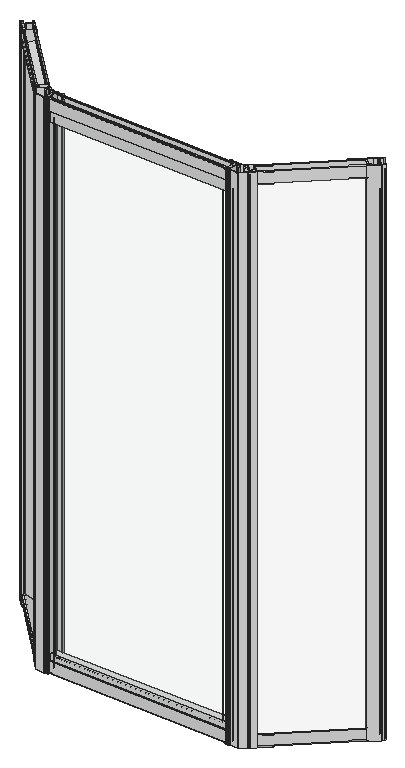
Revit family "Shower-Shower_Door-STERLING-Intrigue-SP2270A", category Specialty Equipment, host Face, Revit 2015 (continued)
Definition of nested family "SP2270A"
  Automatic sketch dimensions
    Extrusion 5 sketch curve to Extrusion 5 sketch curve = 0.0415"
    Extrusion 5 sketch curve to Extrusion 5 sketch curve = 0.0179"  (x2)
    plane 11 to Extrusion 5 sketch curve = 0.10543"
    Extrusion 5 sketch curve to Extrusion 5 sketch curve = 0.22208"
    Extrusion 5 sketch curve to Extrusion 5 sketch curve = 0.12212"
    plane 10 to Extrusion 5 sketch curve = 0.19791"
    Extrusion 5 sketch curve to Extrusion 5 sketch curve = 0.01884"  (x2)
    plane 10 to Extrusion 5 sketch curve = 0.23559"
    plane 10 to Extrusion 5 sketch curve = 0.26484"
    Extrusion 5 sketch curve to Extrusion 5 sketch curve = 0.03864"
    plane 11 to Extrusion 5 sketch curve = 0.08987"
    plane 10 to Extrusion 5 sketch curve = 0.411"
    Extrusion 5 sketch curve to Extrusion 5 sketch curve = 0.05815"
    plane 11 to Extrusion 5 sketch curve = 0.27496"
    Extrusion 5 sketch curve to plane 1 "Center (Front/Back)" = 1.43815"
    plane 1 "Center (Front/Back)" to Extrusion 5 sketch curve = 3.85659"
    Extrusion 5 sketch curve to plane 11 = 0.23823"
    Extrusion 5 sketch curve to Extrusion 5 sketch curve = 0.00437"
    Extrusion 5 sketch curve to Extrusion 5 sketch curve = 0.02674"
    Extrusion 5 sketch curve to Extrusion 5 sketch curve = 0.02791"
    Extrusion 5 sketch curve to Extrusion 5 sketch curve = 0.03301"
    plane 11 to Extrusion 6 sketch curve = 154.04959"
    plane 11 to Extrusion 6 sketch curve = 10.47952"
    Extrusion 6 sketch curve to Extrusion 6 sketch curve = 0.022"
    Extrusion 6 sketch curve to Extrusion 6 sketch curve = 0.00796"
    Extrusion 6 sketch curve to Extrusion 6 sketch curve = 1.04426"
    Extrusion 6 sketch curve to Extrusion 6 sketch curve = 0.011"
    Extrusion 6 sketch curve to Extrusion 6 sketch curve = 0.0164"
    Extrusion 6 sketch curve to Extrusion 6 sketch curve = 0.01768"  (x3)
    Extrusion 6 sketch curve to Extrusion 6 sketch curve = 1.05712"
    Extrusion 6 sketch curve to Extrusion 6 sketch curve = 0.0641"
    Extrusion 6 sketch curve to Extrusion 6 sketch curve = 0.02368"  (x2)
    Extrusion 6 sketch curve to Extrusion 6 sketch curve = 0.01249"  (x2)
    Extrusion 6 sketch curve to Extrusion 6 sketch curve = 0.01407"
    Extrusion 6 sketch curve to Extrusion 6 sketch curve = 0.00551"
    Extrusion 6 sketch curve to Extrusion 6 sketch curve = 0"  (x5)
    Extrusion 6 sketch curve to Extrusion 6 sketch curve = 0.01427"  (x2)
    Extrusion 6 sketch curve to Extrusion 6 sketch curve = 0.03225"
    Extrusion 6 sketch curve to Extrusion 6 sketch curve = 0.52077"
    Extrusion 6 sketch curve to Extrusion 6 sketch curve = 0.01663"
    Extrusion 6 sketch curve to Extrusion 6 sketch curve = 0.04451"
    Extrusion 6 sketch curve to Extrusion 6 sketch curve = 0.21109"
    Extrusion 6 sketch curve to Extrusion 6 sketch curve = 0.24644"
    Extrusion 6 sketch curve to Extrusion 6 sketch curve = 0.03889"  (x2)
    Extrusion 6 sketch curve to Extrusion 6 sketch curve = 0.08839"
    Extrusion 6 sketch curve to Extrusion 6 sketch curve = 0.05815"
    Extrusion 6 sketch curve to Extrusion 6 sketch curve = 0.04401"
    Extrusion 6 sketch curve to Extrusion 6 sketch curve = 0.27822"
    Extrusion 6 sketch curve to Extrusion 6 sketch curve = 0.05049"
    Extrusion 6 sketch curve to Extrusion 6 sketch curve = 0.01947"
    Extrusion 6 sketch curve to plane 6 = 11.45352"
    Extrusion 6 sketch curve to Extrusion 6 sketch curve = 0.76721"
    Extrusion 6 sketch curve to Extrusion 6 sketch curve = 0.10216"
    Extrusion 6 sketch curve to Extrusion 6 sketch curve = 1.05005"
    Extrusion 6 sketch curve to Extrusion 6 sketch curve = 0.03007"
    Extrusion 6 sketch curve to Extrusion 6 sketch curve = 0.09524"
    Extrusion 6 sketch curve to Extrusion 6 sketch curve = 0.01753"
    Extrusion 6 sketch curve to Extrusion 6 sketch curve = 0.01061"
    Extrusion 6 sketch curve to Extrusion 6 sketch curve = 0.00437"
    Extrusion 6 sketch curve to Extrusion 6 sketch curve = 0.02674"
    Extrusion 6 sketch curve to Extrusion 6 sketch curve = 0.02791"
    Extrusion 6 sketch curve to Extrusion 6 sketch curve = 0.03301"
    Extrusion 6 sketch curve to plane 5 = 106 101/128"
    plane 14 "B" to Extrusion 7 sketch curve = 0"  (x4)
    plane 9 "A" to Extrusion 7 sketch curve = 0"  (x4)
    Extrusion 7 sketch curve to plane 11 = 9.73255"  (x2)
    Extrusion 7 sketch curve to plane 11 = 9.75879"
    Extrusion 7 sketch curve to Extrusion 7 sketch curve = 0.01649"  (x2)
    Extrusion 7 sketch curve to plane 11 = 9.75936"
    Extrusion 7 sketch curve to Extrusion 7 sketch curve = 0.0159"  (x2)
    Extrusion 7 sketch curve to Extrusion 7 sketch curve = 0.0289"  (x2)
    Extrusion 7 sketch curve to Extrusion 7 sketch curve = 0.04427"
    Extrusion 7 sketch curve to Extrusion 7 sketch curve = 0"  (x6)
    Extrusion 7 sketch curve to Extrusion 7 sketch curve = 0.01867"  (x5)
    Extrusion 7 sketch curve to Extrusion 7 sketch curve = 0.07113"
    Extrusion 7 sketch curve to Extrusion 7 sketch curve = 0.02346"  (x2)
    Extrusion 7 sketch curve to Extrusion 7 sketch curve = 0.01775"  (x4)
    Extrusion 7 sketch curve to Extrusion 7 sketch curve = 0.25774"
    Extrusion 7 sketch curve to Extrusion 7 sketch curve = 0.01704"  (x6)
    Extrusion 7 sketch curve to Extrusion 7 sketch curve = 0.0357"  (x2)
    Extrusion 7 sketch curve to Extrusion 7 sketch curve = 0.01738"  (x5)
    Extrusion 7 sketch curve to Extrusion 7 sketch curve = 0.19519"
    Extrusion 7 sketch curve to Extrusion 7 sketch curve = 0.01786"  (x4)
    Extrusion 7 sketch curve to Extrusion 7 sketch curve = 0.01263"  (x2)
    Extrusion 7 sketch curve to Extrusion 7 sketch curve = 0.04045"  (x2)
    Extrusion 7 sketch curve to Extrusion 7 sketch curve = 0.01481"  (x5)
    Extrusion 7 sketch curve to Extrusion 7 sketch curve = 0.07224"
    Extrusion 7 sketch curve to Extrusion 7 sketch curve = 0.00107"
    Extrusion 7 sketch curve to Extrusion 7 sketch curve = 0.01426"  (x2)
    Extrusion 7 sketch curve to Extrusion 7 sketch curve = 0.01545"  (x4)
    Extrusion 7 sketch curve to plane 11 = 8.91938"
    Extrusion 7 sketch curve to Extrusion 7 sketch curve = 0.01665"  (x2)
    Extrusion 7 sketch curve to Extrusion 7 sketch curve = 0.01865"
    Extrusion 7 sketch curve to Extrusion 7 sketch curve = 0.01768"  (x12)
    Extrusion 7 sketch curve to Extrusion 7 sketch curve = 0.03673"
    Extrusion 7 sketch curve to Extrusion 7 sketch curve = 0.00831"  (x2)
    Extrusion 7 sketch curve to Extrusion 7 sketch curve = 0.00719"  (x4)
    Extrusion 7 sketch curve to Extrusion 7 sketch curve = 0.3062"
    Extrusion 7 sketch curve to Extrusion 7 sketch curve = 0.02049"  (x3)
    Extrusion 7 sketch curve to Extrusion 7 sketch curve = 0.03183"
    Extrusion 7 sketch curve to Extrusion 7 sketch curve = 0.03649"  (x2)
    Extrusion 7 sketch curve to Extrusion 7 sketch curve = 0.01412"  (x4)
    Extrusion 7 sketch curve to Extrusion 7 sketch curve = 0.26344"
    Extrusion 7 sketch curve to Extrusion 7 sketch curve = 0.01516"  (x5)
    Extrusion 7 sketch curve to Extrusion 7 sketch curve = 0.03571"  (x2)
    Extrusion 7 sketch curve to Extrusion 7 sketch curve = 0.0148"  (x6)
    Extrusion 7 sketch curve to Extrusion 7 sketch curve = 0.0495"
    Extrusion 7 sketch curve to Extrusion 7 sketch curve = 0.00707"  (x6)
    Extrusion 7 sketch curve to Extrusion 7 sketch curve = 0.02467"
    Extrusion 7 sketch curve to Extrusion 7 sketch curve = 0.01418"  (x5)
    Extrusion 7 sketch curve to Extrusion 7 sketch curve = 0.01396"  (x2)
    Extrusion 7 sketch curve to Extrusion 7 sketch curve = 0.01436"  (x6)
    Extrusion 7 sketch curve to Extrusion 7 sketch curve = 0.27555"  (x2)
    plane 6 to Extrusion 7 sketch curve = 9.90319"
    Extrusion 7 sketch curve to Extrusion 7 sketch curve = 0.03867"
    Extrusion 7 sketch curve to Extrusion 7 sketch curve = 0.07355"
    Extrusion 7 sketch curve to Extrusion 7 sketch curve = 0.26448"
    Extrusion 7 sketch curve to Extrusion 7 sketch curve = 0.03927"
    Extrusion 7 sketch curve to Extrusion 7 sketch curve = 0.60055"
    Extrusion 7 sketch curve to Extrusion 7 sketch curve = 0.03231"
    Extrusion 7 sketch curve to Extrusion 7 sketch curve = 0.05024"
    Extrusion 7 sketch curve to Extrusion 7 sketch curve = 0.002"
    Extrusion 7 sketch curve to Extrusion 7 sketch curve = 0.01319"
    Extrusion 7 sketch curve to Extrusion 7 sketch curve = 0.07288"
    Extrusion 7 sketch curve to Extrusion 7 sketch curve = 0.19567"
    Extrusion 7 sketch curve to Extrusion 7 sketch curve = 0.16244"
    Extrusion 7 sketch curve to Extrusion 7 sketch curve = 0.09367"
    Extrusion 7 sketch curve to Extrusion 7 sketch curve = 0.04402"
    Extrusion 7 sketch curve to plane 11 = 9.75904"
    Extrusion 7 sketch curve to Extrusion 7 sketch curve = 0.38921"  (x2)
    Extrusion 7 sketch curve to Extrusion 7 sketch curve = 0.03501"  (x2)
    Extrusion 7 sketch curve to Extrusion 7 sketch curve = 0.15091"  (x2)
    Extrusion 7 sketch curve to Extrusion 7 sketch curve = 0.00419"  (x2)
    Extrusion 7 sketch curve to Extrusion 7 sketch curve = 0.00791"  (x2)
    Extrusion 7 sketch curve to Extrusion 7 sketch curve = 0.01305"  (x2)
    Extrusion 7 sketch curve to Extrusion 7 sketch curve = 0.02368"  (x2)
    Extrusion 7 sketch curve to Extrusion 7 sketch curve = 0.03731"  (x2)
    Extrusion 7 sketch curve to Extrusion 7 sketch curve = 0.07085"
    Extrusion 7 sketch curve to Extrusion 7 sketch curve = 0.08759"
    Extrusion 7 sketch curve to Extrusion 7 sketch curve = 0.02695"
    Extrusion 7 sketch curve to Extrusion 7 sketch curve = 0.02386"
    Extrusion 7 sketch curve to Extrusion 7 sketch curve = 0.11234"  (x2)
    Extrusion 7 sketch curve to Extrusion 7 sketch curve = 0.36388"  (x2)
    Extrusion 7 sketch curve to Extrusion 7 sketch curve = 0.23688"  (x2)
    Extrusion 7 sketch curve to Extrusion 7 sketch curve = 0.02431"  (x2)
    Extrusion 7 sketch curve to Extrusion 7 sketch curve = 0.01432"  (x2)
    Extrusion 7 sketch curve to Extrusion 7 sketch curve = 0.07292"  (x2)
    Extrusion 7 sketch curve to Extrusion 7 sketch curve = 0.035"  (x2)
    Extrusion 7 sketch curve to Extrusion 7 sketch curve = 0.04098"  (x2)
    Extrusion 7 sketch curve to Extrusion 7 sketch curve = 0.00676"  (x2)
    plane 11 to Extrusion 8 sketch curve = 0.03806"
    plane 6 to Extrusion 8 sketch curve = 1.35549"
    plane 11 to Extrusion 8 sketch curve = 0.12645"
    Extrusion 8 sketch curve to Extrusion 8 sketch curve = 0.08839"
    Extrusion 8 sketch curve to plane 11 = 8.62541"
    plane 1 "Center (Front/Back)" to Extrusion 9 sketch curve = 0"
    plane 11 to Extrusion 9 sketch curve = 0"
    Extrusion 9 sketch curve to plane 1 "Center (Front/Back)" = 0.01873"
    Extrusion 9 sketch curve to plane 5 = 0.92194"
    Extrusion 9 sketch curve to Extrusion 9 sketch curve = 0.03644"
    Extrusion 9 sketch curve to Extrusion 9 sketch curve = 0.01988"
    Extrusion 9 sketch curve to Extrusion 9 sketch curve = 0.06"  (x2)
    plane 11 to Extrusion 9 sketch curve = 0.205"
    Extrusion 9 sketch curve to plane 5 = 1.05584"
    Extrusion 9 sketch curve to Extrusion 9 sketch curve = 0.02304"
    Extrusion 9 sketch curve to Extrusion 9 sketch curve = 0.03249"
    plane 10 to Extrusion 9 sketch curve = 0.09125"
    Extrusion 9 sketch curve to Extrusion 9 sketch curve = 0.06241"
    Extrusion 9 sketch curve to Extrusion 9 sketch curve = 0.04229"
    plane 11 to Extrusion 9 sketch curve = 0.11101"
    Extrusion 9 sketch curve to Extrusion 9 sketch curve = 0.08629"
    Extrusion 9 sketch curve to Extrusion 9 sketch curve = 0.08862"
    plane 10 to Extrusion 9 sketch curve = 0.02046"
    Extrusion 9 sketch curve to Extrusion 9 sketch curve = 0.11921"
    Extrusion 9 sketch curve to plane 1 "Center (Front/Back)" = 0.03745"
    Extrusion 9 sketch curve to Extrusion 9 sketch curve = 0.17662"
    Extrusion 9 sketch curve to Extrusion 9 sketch curve = 0.00061"
    Extrusion 9 sketch curve to Extrusion 9 sketch curve = 0.03134"
    Extrusion 9 sketch curve to Extrusion 9 sketch curve = 0.02079"
    Extrusion 9 sketch curve to Extrusion 9 sketch curve = 0.02018"
    Extrusion 9 sketch curve to Extrusion 9 sketch curve = 0.07"
    plane 11 to Extrusion 9 sketch curve = 0.085"
    Extrusion 9 sketch curve to Extrusion 9 sketch curve = 0.00488"
    Extrusion 9 sketch curve to Extrusion 9 sketch curve = 0.02077"
    Extrusion 9 sketch curve to Extrusion 9 sketch curve = 0.02227"
    Extrusion 9 sketch curve to Extrusion 9 sketch curve = 0.00307"
    Extrusion 9 sketch curve to Extrusion 9 sketch curve = 0.03088"
    Extrusion 9 sketch curve to Extrusion 9 sketch curve = 0.04833"
    Extrusion 9 sketch curve to Extrusion 9 sketch curve = 0.49485"
    Extrusion 9 sketch curve to Extrusion 9 sketch curve = 0.04977"
    Extrusion 9 sketch curve to Extrusion 9 sketch curve = 0.00082"
    Extrusion 9 sketch curve to Extrusion 9 sketch curve = 0.03172"
    Extrusion 9 sketch curve to Extrusion 9 sketch curve = 0.00365"
    Extrusion 9 sketch curve to Extrusion 9 sketch curve = 0.08464"
    Extrusion 9 sketch curve to Extrusion 9 sketch curve = 0.00891"
    Extrusion 9 sketch curve to Extrusion 9 sketch curve = 0.02451"
    Extrusion 9 sketch curve to Extrusion 9 sketch curve = 0.04051"
    Extrusion 9 sketch curve to Extrusion 9 sketch curve = 0"  (x2)
    Extrusion 9 sketch curve to Extrusion 9 sketch curve = 0.06869"
    Extrusion 9 sketch curve to Extrusion 9 sketch curve = 0.0642"
    Extrusion 9 sketch curve to Extrusion 9 sketch curve = 0.15399"
    Extrusion 9 sketch curve to Extrusion 9 sketch curve = 0.00054"
    Extrusion 9 sketch curve to Extrusion 9 sketch curve = 0.00357"
    Extrusion 9 sketch curve to Extrusion 9 sketch curve = 0.02001"
    Extrusion 9 sketch curve to Extrusion 9 sketch curve = 0.09077"
    Extrusion 9 sketch curve to Extrusion 9 sketch curve = 0.02942"
    Extrusion 9 sketch curve to Extrusion 9 sketch curve = 0.02026"  (x2)
    Extrusion 9 sketch curve to Extrusion 9 sketch curve = 0.0195"
    Extrusion 10 sketch curve to Extrusion 10 sketch curve = 0"  (x8)
    plane 1 "Center (Front/Back)" to Extrusion 10 sketch curve = 0.12253"
    plane 5 to Extrusion 10 sketch curve = 1.09325"
    Extrusion 10 sketch curve to plane 11 = 0.15922"
    plane 5 to Extrusion 10 sketch curve = 1.08704"
    Extrusion 10 sketch curve to Extrusion 10 sketch curve = 0.02022"
    Extrusion 10 sketch curve to Extrusion 10 sketch curve = 0.0207"
    Extrusion 10 sketch curve to Extrusion 10 sketch curve = 0.0275"
    Extrusion 10 sketch curve to plane 11 = 0.32977"
    Extrusion 10 sketch curve to Extrusion 10 sketch curve = 0.00646"
    Extrusion 10 sketch curve to Extrusion 10 sketch curve = 0.01371"
    Extrusion 10 sketch curve to Extrusion 10 sketch curve = 0.01087"
    Extrusion 10 sketch curve to Extrusion 10 sketch curve = 0.00104"
    Extrusion 10 sketch curve to Extrusion 10 sketch curve = 0.04809"
    Extrusion 10 sketch curve to Extrusion 10 sketch curve = 0.04"  (x2)
    Extrusion 10 sketch curve to Extrusion 10 sketch curve = 0.00101"
    Extrusion 10 sketch curve to plane 11 = 0.34122"
    Extrusion 10 sketch curve to Extrusion 10 sketch curve = 0.03201"
    Extrusion 10 sketch curve to Extrusion 10 sketch curve = 0.01416"
    Extrusion 10 sketch curve to Extrusion 10 sketch curve = 0.055"  (x4)
    Extrusion 10 sketch curve to Extrusion 10 sketch curve = 0.01382"
    Extrusion 10 sketch curve to Extrusion 10 sketch curve = 0.02949"
    Extrusion 10 sketch curve to Extrusion 10 sketch curve = 0.02071"
    plane 1 "Center (Front/Back)" to Extrusion 10 sketch curve = 0.02165"
    Extrusion 10 sketch curve to Extrusion 10 sketch curve = 0.06841"
    Extrusion 10 sketch curve to Extrusion 10 sketch curve = 0.01587"
    Extrusion 10 sketch curve to plane 1 "Center (Front/Back)" = 0.00019"
    Extrusion 10 sketch curve to Extrusion 10 sketch curve = 0.02717"
    plane 5 to Extrusion 10 sketch curve = 0.80905"
    Extrusion 10 sketch curve to Extrusion 10 sketch curve = 0.05482"
    Extrusion 10 sketch curve to Extrusion 10 sketch curve = 0.28929"
    Extrusion 10 sketch curve to Extrusion 10 sketch curve = 0.00106"
    Extrusion 10 sketch curve to Extrusion 10 sketch curve = 0.00368"  (x2)
    Extrusion 10 sketch curve to Extrusion 10 sketch curve = 0.00814"
    Extrusion 10 sketch curve to Extrusion 10 sketch curve = 0.01747"
    plane 5 to Extrusion 10 sketch curve = 0.11241"
    Extrusion 10 sketch curve to Extrusion 10 sketch curve = 0.03889"  (x2)
    plane 5 to Extrusion 10 sketch curve = 0.04035"  (x2)
    plane 5 to Extrusion 10 sketch curve = 0.01558"
    Extrusion 10 sketch curve to plane 5 = 0.01071"
    Extrusion 10 sketch curve to plane 5 = 0.03552"
    Extrusion 10 sketch curve to plane 5 = 0.05138"
    Extrusion 10 sketch curve to plane 5 = 0.06663"
    Extrusion 10 sketch curve to Extrusion 10 sketch curve = 0.05303"
    Extrusion 10 sketch curve to Extrusion 10 sketch curve = 0.05251"  (x2)
    Extrusion 10 sketch curve to Extrusion 10 sketch curve = 0.03111"
    Extrusion 10 sketch curve to plane 5 = 0.18412"
    plane 11 to Extrusion 10 sketch curve = 0.06409"
    Extrusion 10 sketch curve to Extrusion 10 sketch curve = 0.01101"
    Extrusion 10 sketch curve to Extrusion 10 sketch curve = 7/128"
    plane 1 "Center (Front/Back)" to Extrusion 10 sketch curve = 0.04127"
    Extrusion 10 sketch curve to plane 5 = 31/128"
    plane 11 to Extrusion 10 sketch curve = 0.04973"
    Extrusion 10 sketch curve to Extrusion 10 sketch curve = 0.05951"
    Extrusion 10 sketch curve to Extrusion 10 sketch curve = 0.03973"
    plane 1 "Center (Front/Back)" to Extrusion 10 sketch curve = 0.07071"
    Extrusion 10 sketch curve to Extrusion 10 sketch curve = 0.03134"
    plane 1 "Center (Front/Back)" to Extrusion 10 sketch curve = 0.04018"
    Extrusion 10 sketch curve to Extrusion 10 sketch curve = 0.03282"
    Extrusion 10 sketch curve to plane 11 = 0.08082"
    Extrusion 10 sketch curve to Extrusion 10 sketch curve = 0.1084"
    Extrusion 10 sketch curve to plane 11 = 0.1586"
    Extrusion 10 sketch curve to plane 10 = 0.1418"
    plane 10 to Extrusion 10 sketch curve = 0.09915"
    Extrusion 10 sketch curve to Extrusion 10 sketch curve = 0.00293"
    plane 10 to Extrusion 10 sketch curve = 0.02033"
    Extrusion 10 sketch curve to Extrusion 10 sketch curve = 0.00465"
    Extrusion 10 sketch curve to plane 10 = 0.01806"
    Extrusion 10 sketch curve to Extrusion 10 sketch curve = 0.01044"
    Extrusion 10 sketch curve to plane 10 = 0.17008"  (x2)
    Extrusion 10 sketch curve to plane 10 = 0.00408"
    Extrusion 10 sketch curve to Extrusion 10 sketch curve = 0.01397"
    Extrusion 10 sketch curve to plane 10 = 0.03203"
    Extrusion 10 sketch curve to plane 10 = 0.10291"
    plane 10 to Extrusion 10 sketch curve = 0.05973"
    Extrusion 10 sketch curve to Extrusion 10 sketch curve = 0.03839"
    Extrusion 10 sketch curve to Extrusion 10 sketch curve = 0.00364"
    Extrusion 10 sketch curve to Extrusion 10 sketch curve = 0.01251"
    Extrusion 10 sketch curve to plane 10 = 0.13119"  (x2)
    Extrusion 10 sketch curve to Extrusion 10 sketch curve = 0.02828"  (x3)
    plane 10 to Extrusion 10 sketch curve = 0.0846"
    Extrusion 10 sketch curve to Extrusion 10 sketch curve = 0.00872"
    plane 10 to Extrusion 10 sketch curve = 0.11413"
    Extrusion 10 sketch curve to Extrusion 10 sketch curve = 0.01308"
    Extrusion 10 sketch curve to Extrusion 10 sketch curve = 0.06368"
    Extrusion 10 sketch curve to plane 10 = 0.03209"
    Extrusion 10 sketch curve to plane 10 = 0.00402"
    Extrusion 10 sketch curve to plane 10 = 0.0824"
    Extrusion 10 sketch curve to Extrusion 10 sketch curve = 0.04879"
    Extrusion 10 sketch curve to plane 10 = 0.12129"
    plane 1 "Center (Front/Back)" to Extrusion 10 sketch curve = 0.02198"
    Extrusion 10 sketch curve to Extrusion 10 sketch curve = 0.0154"
    Extrusion 10 sketch curve to Extrusion 10 sketch curve = 0.05772"
    Extrusion 10 sketch curve to Extrusion 10 sketch curve = 0.02772"
    Extrusion 10 sketch curve to Extrusion 10 sketch curve = 0.001"
    Extrusion 10 sketch curve to plane 10 = 0.22313"
    Extrusion 10 sketch curve to Extrusion 10 sketch curve = 0.01407"
    Extrusion 10 sketch curve to Extrusion 10 sketch curve = 0.12284"
    Extrusion 10 sketch curve to Extrusion 10 sketch curve = 0.00914"
    Extrusion 10 sketch curve to Extrusion 10 sketch curve = 0.02725"
    Extrusion 10 sketch curve to Extrusion 10 sketch curve = 0.05301"
    Extrusion 10 sketch curve to Extrusion 10 sketch curve = 0.00195"
    Extrusion 10 sketch curve to plane 11 = 0.15992"
    Extrusion 10 sketch curve to Extrusion 10 sketch curve = 0.03409"
    Extrusion 10 sketch curve to Extrusion 10 sketch curve = 0.04108"
    Extrusion 10 sketch curve to Extrusion 10 sketch curve = 0.0231"
    plane 11 to Extrusion 10 sketch curve = 0.14475"
    Extrusion 10 sketch curve to Extrusion 10 sketch curve = 0.02475"
    Extrusion 11 sketch curve to plane 5 = 0.12744"
    Extrusion 11 sketch curve to Extrusion 11 sketch curve = 0.02522"  (x2)
    Extrusion 11 sketch curve to Extrusion 11 sketch curve = 0.04101"
    Extrusion 11 sketch curve to plane 5 = 0.54707"
    Extrusion 11 sketch curve to Extrusion 11 sketch curve = 0.011"
    Extrusion 11 sketch curve to Extrusion 11 sketch curve = 0.0164"
    Extrusion 11 sketch curve to Extrusion 11 sketch curve = 0.01768"  (x3)
    Extrusion 11 sketch curve to Extrusion 11 sketch curve = 0.0641"
    Extrusion 11 sketch curve to Extrusion 11 sketch curve = 0.01249"  (x2)
    Extrusion 11 sketch curve to Extrusion 11 sketch curve = 0.01407"
    Extrusion 11 sketch curve to Extrusion 11 sketch curve = 0.00551"  (x2)
    Extrusion 11 sketch curve to Extrusion 11 sketch curve = 0.01427"  (x2)
    Extrusion 11 sketch curve to Extrusion 11 sketch curve = 0.03225"
    Extrusion 11 sketch curve to plane 11 = 0.41792"
    Extrusion 11 sketch curve to plane 5 = 1.10461"
    Extrusion 11 sketch curve to plane 11 = 0.32751"
    Extrusion 11 sketch curve to Extrusion 11 sketch curve = 0"  (x2)
    Extrusion 11 sketch curve to plane 10 = 0.07392"
    Extrusion 11 sketch curve to Extrusion 11 sketch curve = 0.00995"
    plane 10 to Extrusion 11 sketch curve = 0.03593"
    Extrusion 11 sketch curve to Extrusion 11 sketch curve = 0.00895"
    Extrusion 11 sketch curve to plane 11 = 0.37271"
    Extrusion 11 sketch curve to Extrusion 11 sketch curve = 0.02268"
    Extrusion 11 sketch curve to Extrusion 11 sketch curve = 0.02253"
    Extrusion 11 sketch curve to plane 10 = 0.11634"
    plane 10 to Extrusion 11 sketch curve = 0.07579"
    Extrusion 11 sketch curve to Extrusion 11 sketch curve = 0.03987"
    Extrusion 11 sketch curve to plane 10 = 0.07485"  (x2)
    Extrusion 11 sketch curve to Extrusion 11 sketch curve = 0.0415"
    Extrusion 11 sketch curve to Extrusion 11 sketch curve = 0.0179"  (x2)
    Extrusion 11 sketch curve to plane 11 = 0.10543"
    Extrusion 11 sketch curve to Extrusion 11 sketch curve = 0.22208"
    Extrusion 11 sketch curve to Extrusion 11 sketch curve = 0.12212"
    Extrusion 11 sketch curve to plane 10 = 0.19791"
    Extrusion 11 sketch curve to Extrusion 11 sketch curve = 0.01884"  (x2)
    Extrusion 11 sketch curve to plane 10 = 0.23559"
    Extrusion 11 sketch curve to plane 10 = 0.26827"
    Extrusion 11 sketch curve to Extrusion 11 sketch curve = 0.03521"
    Extrusion 11 sketch curve to plane 11 = 0.08987"
    Extrusion 11 sketch curve to plane 10 = 0.411"
    Extrusion 11 sketch curve to Extrusion 11 sketch curve = 0.06159"
    Extrusion 11 sketch curve to plane 11 = 0.27496"
    plane 1 "Center (Front/Back)" to Extrusion 11 sketch curve = 1.43815"
    Extrusion 11 sketch curve to plane 1 "Center (Front/Back)" = 3.85659"
    plane 11 to Extrusion 11 sketch curve = 0.23823"
    Extrusion 11 sketch curve to Extrusion 11 sketch curve = 0.00437"
    Extrusion 11 sketch curve to Extrusion 11 sketch curve = 0.02674"
    Extrusion 11 sketch curve to Extrusion 11 sketch curve = 0.02791"
    Extrusion 11 sketch curve to Extrusion 11 sketch curve = 0.03301"
    plane 12 to Extrusion 12 sketch curve = 0.00044"
    plane 12 to Extrusion 12 sketch curve = 0.00138"
    plane 8 to Extrusion 12 sketch curve = 0.00674"
    plane 12 to Extrusion 12 sketch curve = 0.02572"
    plane 7 to Extrusion 12 sketch curve = 0.01451"
    plane 12 to Extrusion 12 sketch curve = 0.02665"
    Extrusion 12 sketch curve to Extrusion 12 sketch curve = 0.00106"
    Extrusion 12 sketch curve to Extrusion 12 sketch curve = 0.02633"  (x2)
    plane 12 to Extrusion 12 sketch curve = 0.03018"
    Extrusion 12 sketch curve to Extrusion 12 sketch curve = 0.03148"  (x2)
    plane 12 to Extrusion 12 sketch curve = 0.05915"
    Extrusion 12 sketch curve to Extrusion 12 sketch curve = 0.02331"  (x2)
    Extrusion 12 sketch curve to Extrusion 12 sketch curve = 0.00097"  (x4)
    Extrusion 12 sketch curve to Extrusion 12 sketch curve = 0.02428"  (x2)
    Extrusion 12 sketch curve to Extrusion 12 sketch curve = 0.05628"
    Extrusion 12 sketch curve to Extrusion 12 sketch curve = 0.02448"
    level to Extrusion 12 sketch curve = 0.05155"
    Extrusion 12 sketch curve to Extrusion 12 sketch curve = 0.00099"  (x2)
    Extrusion 12 sketch curve to Extrusion 12 sketch curve = 0.00409"  (x2)
    Extrusion 12 sketch curve to Extrusion 12 sketch curve = 0.0563"
    level to Extrusion 12 sketch curve = 0.00177"
    Extrusion 12 sketch curve to Extrusion 12 sketch curve = 0.00651"  (x2)
    plane 8 to Extrusion 12 sketch curve = 0.05254"
    Extrusion 12 sketch curve to Extrusion 12 sketch curve = 0.04969"
    Extrusion 12 sketch curve to Extrusion 12 sketch curve = 0.02459"
    plane 4 to Extrusion 12 sketch curve = 0.04881"
    Extrusion 12 sketch curve to plane 4 = 0.00097"
    plane 8 to Extrusion 12 sketch curve = 0.00045"
    Extrusion 12 sketch curve to Extrusion 12 sketch curve = 0.05117"
    plane 4 to Extrusion 12 sketch curve = 0.05066"
    Extrusion 12 sketch curve to Extrusion 12 sketch curve = 0.04623"
    level to Extrusion 12 sketch curve = 0.05457"
    Extrusion 12 sketch curve to Extrusion 12 sketch curve = 0.07533"
    Extrusion 12 sketch curve to Extrusion 12 sketch curve = 0.001"  (x8)
    level to Extrusion 12 sketch curve = 0.00461"
    plane 4 to Extrusion 12 sketch curve = 0.0007"
    plane 7 to Extrusion 12 sketch curve = 0.04849"
    Extrusion 12 sketch curve to Extrusion 12 sketch curve = 0.34448"
    Extrusion 12 sketch curve to plane 7 = 0.00328"
    Extrusion 12 sketch curve to Extrusion 12 sketch curve = 0.04318"
    plane 4 to Extrusion 12 sketch curve = 0.0738"
    Extrusion 12 sketch curve to plane 17 = 0.15167"  (x2)
    level to Extrusion 12 sketch curve = 0.0738"
    plane 4 to Extrusion 12 sketch curve = 0.02384"
    level to Extrusion 12 sketch curve = 0.02384"
    Extrusion 12 sketch curve to plane 17 = 0.1489"  (x2)
    Extrusion 12 sketch curve to Extrusion 12 sketch curve = 0.00966"  (x2)
    Extrusion 12 sketch curve to Extrusion 12 sketch curve = 0.015"  (x2)
    Extrusion 12 sketch curve to Extrusion 12 sketch curve = 0.00515"  (x2)
    Extrusion 12 sketch curve to Extrusion 12 sketch curve = 0.0677"
    level to Extrusion 12 sketch curve = 0.02662"
    Extrusion 12 sketch curve to Extrusion 12 sketch curve = 0.06907"
    Extrusion 12 sketch curve to Extrusion 12 sketch curve = 0.00498"
    Extrusion 12 sketch curve to Extrusion 12 sketch curve = 0.06815"  (x2)
    Extrusion 12 sketch curve to plane 17 = 0.05883"
    plane 4 to Extrusion 12 sketch curve = 0.02762"
    Extrusion 12 sketch curve to plane 17 = 0.05546"
    Extrusion 12 sketch curve to Extrusion 12 sketch curve = 0.02427"  (x3)
    Extrusion 12 sketch curve to Extrusion 12 sketch curve = 0.00894"
    Extrusion 12 sketch curve to plane 17 = 0.01342"  (x2)
    plane 17 to Extrusion 12 sketch curve = 0.00019"
    plane 17 to Extrusion 12 sketch curve = 0.02533"
    Extrusion 12 sketch curve to Extrusion 12 sketch curve = 0.02208"
    Extrusion 12 sketch curve to Extrusion 12 sketch curve = 0.05014"
    Extrusion 12 sketch curve to Extrusion 12 sketch curve = 0.00733"
    Extrusion 12 sketch curve to Extrusion 12 sketch curve = 0.00974"
    Extrusion 12 sketch curve to Extrusion 12 sketch curve = 0.39092"
    Extrusion 12 sketch curve to Extrusion 12 sketch curve = 0.00469"
    Extrusion 12 sketch curve to Extrusion 12 sketch curve = 0.00536"
    Extrusion 12 sketch curve to Extrusion 12 sketch curve = 0.0034"  (x2)
    Extrusion 12 sketch curve to Extrusion 12 sketch curve = 0.02725"
    plane 8 to Extrusion 12 sketch curve = 0.03412"
    Extrusion 12 sketch curve to Extrusion 12 sketch curve = 0.02147"
    plane 7 to Extrusion 12 sketch curve = 0.20201"
    Extrusion 12 sketch curve to Extrusion 12 sketch curve = 0.06035"
    Extrusion 12 sketch curve to Extrusion 12 sketch curve = 0.0638"
    plane 4 to Extrusion 12 sketch curve = 0.11469"
    Extrusion 12 sketch curve to Extrusion 12 sketch curve = 0.0086"
    Extrusion 12 sketch curve to Extrusion 12 sketch curve = 0.00958"
    Extrusion 12 sketch curve to Extrusion 12 sketch curve = 0.0352"
    Extrusion 12 sketch curve to Extrusion 12 sketch curve = 0.01061"
    Extrusion 13 sketch curve to plane 11 = 154.04959"
    Extrusion 13 sketch curve to plane 11 = 10.47952"
    Extrusion 13 sketch curve to Extrusion 13 sketch curve = 0.022"
    Extrusion 13 sketch curve to Extrusion 13 sketch curve = 0.00796"
    Extrusion 13 sketch curve to Extrusion 13 sketch curve = 1.04426"
    Extrusion 13 sketch curve to Extrusion 13 sketch curve = 0.011"
    Extrusion 13 sketch curve to Extrusion 13 sketch curve = 0.0164"
    Extrusion 13 sketch curve to Extrusion 13 sketch curve = 0.01768"  (x3)
    Extrusion 13 sketch curve to Extrusion 13 sketch curve = 1.05712"
    Extrusion 13 sketch curve to Extrusion 13 sketch curve = 0.0641"
    Extrusion 13 sketch curve to Extrusion 13 sketch curve = 0.02368"  (x2)
    Extrusion 13 sketch curve to Extrusion 13 sketch curve = 0.01249"  (x2)
    Extrusion 13 sketch curve to Extrusion 13 sketch curve = 0.01407"
    Extrusion 13 sketch curve to Extrusion 13 sketch curve = 0.00551"
    Extrusion 13 sketch curve to Extrusion 13 sketch curve = 0"  (x5)
    Extrusion 13 sketch curve to Extrusion 13 sketch curve = 0.01427"  (x2)
    Extrusion 13 sketch curve to Extrusion 13 sketch curve = 0.03225"
    Extrusion 13 sketch curve to Extrusion 13 sketch curve = 0.52077"
    Extrusion 13 sketch curve to Extrusion 13 sketch curve = 0.01663"
    Extrusion 13 sketch curve to Extrusion 13 sketch curve = 0.04451"
    Extrusion 13 sketch curve to Extrusion 13 sketch curve = 0.21109"
    Extrusion 13 sketch curve to Extrusion 13 sketch curve = 0.24644"
    Extrusion 13 sketch curve to Extrusion 13 sketch curve = 0.03889"  (x2)
    Extrusion 13 sketch curve to Extrusion 13 sketch curve = 0.08839"
    Extrusion 13 sketch curve to Extrusion 13 sketch curve = 0.05815"
    Extrusion 13 sketch curve to Extrusion 13 sketch curve = 0.04401"
    Extrusion 13 sketch curve to Extrusion 13 sketch curve = 0.27822"
    Extrusion 13 sketch curve to Extrusion 13 sketch curve = 0.05049"
    Extrusion 13 sketch curve to Extrusion 13 sketch curve = 0.01947"
    plane 5 to Extrusion 13 sketch curve = 11.45352"
    Extrusion 13 sketch curve to Extrusion 13 sketch curve = 0.76721"
    Extrusion 13 sketch curve to Extrusion 13 sketch curve = 0.10216"
    Extrusion 13 sketch curve to Extrusion 13 sketch curve = 1.05005"
    Extrusion 13 sketch curve to Extrusion 13 sketch curve = 0.03007"
    Extrusion 13 sketch curve to Extrusion 13 sketch curve = 0.09524"
    Extrusion 13 sketch curve to Extrusion 13 sketch curve = 0.01753"
    Extrusion 13 sketch curve to Extrusion 13 sketch curve = 0.01061"
    Extrusion 13 sketch curve to Extrusion 13 sketch curve = 0.00437"
    Extrusion 13 sketch curve to Extrusion 13 sketch curve = 0.02674"
    Extrusion 13 sketch curve to Extrusion 13 sketch curve = 0.02791"
    Extrusion 13 sketch curve to Extrusion 13 sketch curve = 0.03301"
    plane 6 to Extrusion 13 sketch curve = 106 101/128"
    plane 13 to Extrusion 15 sketch curve = 0.00044"
    plane 13 to Extrusion 15 sketch curve = 0.00138"
    plane 8 to Extrusion 15 sketch curve = 0.00674"
    plane 13 to Extrusion 15 sketch curve = 0.02572"
    plane 7 to Extrusion 15 sketch curve = 0.01451"
    plane 13 to Extrusion 15 sketch curve = 0.02665"
    Extrusion 15 sketch curve to Extrusion 15 sketch curve = 0.02633"  (x3)
    plane 13 to Extrusion 15 sketch curve = 0.03018"
    Extrusion 15 sketch curve to Extrusion 15 sketch curve = 0.03148"  (x2)
    plane 13 to Extrusion 15 sketch curve = 0.05915"
    Extrusion 15 sketch curve to Extrusion 15 sketch curve = 0.02331"  (x2)
    Extrusion 15 sketch curve to Extrusion 15 sketch curve = 0.00097"  (x4)
    Extrusion 15 sketch curve to Extrusion 15 sketch curve = 0.02428"  (x2)
    Extrusion 15 sketch curve to Extrusion 15 sketch curve = 0.05628"
    Extrusion 15 sketch curve to Extrusion 15 sketch curve = 0.02448"
    level to Extrusion 15 sketch curve = 0.05155"
    Extrusion 15 sketch curve to Extrusion 15 sketch curve = 0.00099"  (x2)
    Extrusion 15 sketch curve to Extrusion 15 sketch curve = 0.00409"  (x2)
    Extrusion 15 sketch curve to Extrusion 15 sketch curve = 0.0563"
    level to Extrusion 15 sketch curve = 0.00177"
    Extrusion 15 sketch curve to Extrusion 15 sketch curve = 0.00651"  (x2)
    plane 8 to Extrusion 15 sketch curve = 0.05254"
    Extrusion 15 sketch curve to Extrusion 15 sketch curve = 0.04969"
    Extrusion 15 sketch curve to Extrusion 15 sketch curve = 0.02459"
    plane 4 to Extrusion 15 sketch curve = 0.04881"
    Extrusion 15 sketch curve to plane 4 = 0.00097"
    plane 8 to Extrusion 15 sketch curve = 0.00045"
    Extrusion 15 sketch curve to Extrusion 15 sketch curve = 0.05117"
    plane 4 to Extrusion 15 sketch curve = 0.05066"
    Extrusion 15 sketch curve to Extrusion 15 sketch curve = 0.04623"
    level to Extrusion 15 sketch curve = 0.05457"
    Extrusion 15 sketch curve to Extrusion 15 sketch curve = 0.07533"
    Extrusion 15 sketch curve to Extrusion 15 sketch curve = 0.001"  (x8)
    level to Extrusion 15 sketch curve = 0.00461"
    plane 4 to Extrusion 15 sketch curve = 0.0007"
    plane 7 to Extrusion 15 sketch curve = 0.04849"
    Extrusion 15 sketch curve to Extrusion 15 sketch curve = 0.34448"
    Extrusion 15 sketch curve to plane 7 = 0.00328"
    Extrusion 15 sketch curve to Extrusion 15 sketch curve = 0.04318"
    plane 4 to Extrusion 15 sketch curve = 0.0738"
    Extrusion 15 sketch curve to plane 18 = 0.15167"  (x2)
    level to Extrusion 15 sketch curve = 0.0738"
    plane 4 to Extrusion 15 sketch curve = 0.02384"
    level to Extrusion 15 sketch curve = 0.02384"
    Extrusion 15 sketch curve to plane 18 = 0.1489"  (x2)
    Extrusion 15 sketch curve to Extrusion 15 sketch curve = 0.00966"  (x2)
    Extrusion 15 sketch curve to Extrusion 15 sketch curve = 0.015"  (x2)
    Extrusion 15 sketch curve to Extrusion 15 sketch curve = 0.00515"  (x2)
    Extrusion 15 sketch curve to Extrusion 15 sketch curve = 0.0677"
    level to Extrusion 15 sketch curve = 0.02662"
    Extrusion 15 sketch curve to Extrusion 15 sketch curve = 0.06907"
    Extrusion 15 sketch curve to Extrusion 15 sketch curve = 0.00498"
    Extrusion 15 sketch curve to Extrusion 15 sketch curve = 0.06815"  (x2)
    Extrusion 15 sketch curve to plane 18 = 0.05883"
    plane 4 to Extrusion 15 sketch curve = 0.02762"
    Extrusion 15 sketch curve to plane 18 = 0.05546"
    Extrusion 15 sketch curve to Extrusion 15 sketch curve = 0.02427"  (x3)
    Extrusion 15 sketch curve to Extrusion 15 sketch curve = 0.00894"
    Extrusion 15 sketch curve to plane 18 = 0.01342"  (x2)
    plane 18 to Extrusion 15 sketch curve = 0.00019"
    plane 18 to Extrusion 15 sketch curve = 0.02533"
    Extrusion 15 sketch curve to Extrusion 15 sketch curve = 0.0236"
    Extrusion 15 sketch curve to Extrusion 15 sketch curve = 0.0503"
    Extrusion 15 sketch curve to Extrusion 15 sketch curve = 0.00819"
    Extrusion 15 sketch curve to Extrusion 15 sketch curve = 0.00958"
    plane 7 to Extrusion 15 sketch curve = 0.33426"
    Extrusion 15 sketch curve to Extrusion 15 sketch curve = 0.00469"
    Extrusion 15 sketch curve to Extrusion 15 sketch curve = 0.00536"
    Extrusion 15 sketch curve to Extrusion 15 sketch curve = 0.0034"  (x2)
    Extrusion 15 sketch curve to Extrusion 15 sketch curve = 0.07306"
    Extrusion 15 sketch curve to Extrusion 15 sketch curve = 0.02739"
    Extrusion 15 sketch curve to Extrusion 15 sketch curve = 0.00199"
    Extrusion 15 sketch curve to Extrusion 15 sketch curve = 0.56012"
    Extrusion 15 sketch curve to Extrusion 15 sketch curve = 0.06035"
    Extrusion 15 sketch curve to Extrusion 15 sketch curve = 0.0638"
    level to Extrusion 15 sketch curve = 0.11368"
    Extrusion 15 sketch curve to Extrusion 15 sketch curve = 0.00876"
    Extrusion 15 sketch curve to Extrusion 15 sketch curve = 0.00974"
    Extrusion 15 sketch curve to Extrusion 15 sketch curve = 0.0352"
    Extrusion 15 sketch curve to Extrusion 15 sketch curve = 0.01061"
    plane 14 "B" to Masking region 1 sketch curve = 0"  (x3)
    Masking region 1 sketch curve to plane 12 = 0"  (x2)
    Masking region 1 sketch curve to plane 17 = 0"  (x2)
    plane 11 to Masking region 1 sketch curve = 0"  (x2)
    Masking region 1 sketch curve to plane 18 = 0"  (x2)
    Masking region 1 sketch curve to plane 13 = 0"  (x2)
    plane 9 "A" to Masking region 1 sketch curve = 0"  (x3)
    plane 5 to Masking region 1 sketch curve = 106 101/128"
    Masking region 1 sketch curve to plane 11 = 9.73255"  (x2)
    Masking region 1 sketch curve to plane 11 = 9.75879"  (x2)
    Masking region 1 sketch curve to Masking region 1 sketch curve = 0.01649"  (x2)
    Masking region 1 sketch curve to plane 11 = 9.75936"
    Masking region 1 sketch curve to Masking region 1 sketch curve = 0.0159"  (x2)
    Masking region 1 sketch curve to Masking region 1 sketch curve = 0.0289"  (x2)
    Masking region 1 sketch curve to Masking region 1 sketch curve = 0.04427"  (x2)
    Masking region 1 sketch curve to Masking region 1 sketch curve = 0"  (x9)
    Masking region 1 sketch curve to Masking region 1 sketch curve = 0.01867"  (x4)
    Masking region 1 sketch curve to Masking region 1 sketch curve = 0.07113"
    Masking region 1 sketch curve to Masking region 1 sketch curve = 0.02346"  (x2)
    Masking region 1 sketch curve to Masking region 1 sketch curve = 0.01775"  (x3)
    Masking region 1 sketch curve to Masking region 1 sketch curve = 23/128"
    Masking region 1 sketch curve to plane 11 = 9.4018"
    Masking region 1 sketch curve to Masking region 1 sketch curve = 0.0588"  (x2)
    Masking region 1 sketch curve to Masking region 1 sketch curve = 0.01704"  (x6)
    Masking region 1 sketch curve to Masking region 1 sketch curve = 0.80525"
    Masking region 1 sketch curve to Masking region 1 sketch curve = 0.02049"  (x3)
    Masking region 1 sketch curve to Masking region 1 sketch curve = 0.03099"  (x3)
    Masking region 1 sketch curve to Masking region 1 sketch curve = 0.03681"  (x2)
    Masking region 1 sketch curve to Masking region 1 sketch curve = 0.01437"  (x2)
    Masking region 1 sketch curve to Masking region 1 sketch curve = 0.26312"
    Masking region 1 sketch curve to Masking region 1 sketch curve = 0.01516"  (x5)
    Masking region 1 sketch curve to Masking region 1 sketch curve = 0.009"  (x2)
    Masking region 1 sketch curve to Masking region 1 sketch curve = 0.03433"  (x2)
    Masking region 1 sketch curve to Masking region 1 sketch curve = 1.00068"
    Masking region 1 sketch curve to Masking region 1 sketch curve = 0.0246"  (x2)
    Masking region 1 sketch curve to Masking region 1 sketch curve = 0.01753"  (x2)
    Masking region 1 sketch curve to plane 11 = 8.25551"  (x2)
    Masking region 1 sketch curve to Masking region 1 sketch curve = 1.12859"
    Masking region 1 sketch curve to Masking region 1 sketch curve = 0.03127"
    Masking region 1 sketch curve to Masking region 1 sketch curve = 0.00101"
    Masking region 1 sketch curve to Masking region 1 sketch curve = 0.03301"  (x4)
    Masking region 1 sketch curve to Masking region 1 sketch curve = 0.01249"  (x8)
    Masking region 1 sketch curve to Masking region 1 sketch curve = 0.01701"  (x2)
    plane 5 to Masking region 1 sketch curve = 6.43777"
    plane 11 to Masking region 1 sketch curve = 0.37431"
    plane 5 to Masking region 1 sketch curve = 1.77376"
    Masking region 1 sketch curve to Masking region 1 sketch curve = 0.61039"
    Masking region 1 sketch curve to plane 10 = 0.11413"  (x2)
    Masking region 1 sketch curve to Masking region 1 sketch curve = 0.04151"
    Masking region 1 sketch curve to Masking region 1 sketch curve = 0.00436"
    Masking region 1 sketch curve to Masking region 1 sketch curve = 0.00872"  (x2)
    plane 5 to Masking region 1 sketch curve = 0.65575"
    Masking region 1 sketch curve to Masking region 1 sketch curve = 0.03051"
    Masking region 1 sketch curve to Masking region 1 sketch curve = 0.00158"  (x3)
    Masking region 1 sketch curve to Masking region 1 sketch curve = 0.04771"  (x3)
    Masking region 1 sketch curve to Masking region 1 sketch curve = 0.0164"  (x4)
    Masking region 1 sketch curve to plane 1 "Center (Front/Back)" = 0.04018"  (x2)
    plane 5 to Masking region 1 sketch curve = 0.34608"
    Masking region 1 sketch curve to Masking region 1 sketch curve = 0.06416"  (x2)
    plane 5 to Masking region 1 sketch curve = 0.11966"
    Masking region 1 sketch curve to Masking region 1 sketch curve = 0.01202"  (x2)
    plane 5 to Masking region 1 sketch curve = 0.06663"
    Masking region 1 sketch curve to plane 5 = 0.11241"
    plane 11 to Masking region 1 sketch curve = 0.10492"
    Masking region 1 sketch curve to Masking region 1 sketch curve = 0.69664"
    Masking region 1 sketch curve to plane 1 "Center (Front/Back)" = 0.02198"  (x2)
    Masking region 1 sketch curve to plane 5 = 0.82608"
    Masking region 1 sketch curve to Masking region 1 sketch curve = 0.04305"  (x2)
    Masking region 1 sketch curve to Masking region 1 sketch curve = 0.04638"  (x2)
    Masking region 1 sketch curve to plane 1 "Center (Front/Back)" = 0.00018"  (x2)
    Masking region 1 sketch curve to Masking region 1 sketch curve = 0.00386"  (x2)
    plane 11 to Masking region 1 sketch curve = 0.17992"  (x2)
    Masking region 1 sketch curve to Masking region 1 sketch curve = 0.2092"
    Masking region 1 sketch curve to Masking region 1 sketch curve = 0.03759"  (x2)
    Masking region 1 sketch curve to Masking region 1 sketch curve = 0.01051"  (x2)
    Masking region 1 sketch curve to Masking region 1 sketch curve = 0.00048"
    Masking region 1 sketch curve to Masking region 1 sketch curve = 0.0207"
    Masking region 1 sketch curve to Masking region 1 sketch curve = 0.03249"
    plane 11 to Masking region 1 sketch curve = 0.11101"  (x2)
    Masking region 1 sketch curve to Masking region 1 sketch curve = 0.12987"
    Masking region 1 sketch curve to Masking region 1 sketch curve = 0.03366"
    plane 11 to Masking region 1 sketch curve = 0.085"  (x2)
    Masking region 1 sketch curve to Masking region 1 sketch curve = 0.11623"  (x2)
    Masking region 1 sketch curve to plane 1 "Center (Front/Back)" = 0.04833"
    Masking region 1 sketch curve to Masking region 1 sketch curve = 0.43422"  (x2)
    Masking region 1 sketch curve to Masking region 1 sketch curve = 0.00413"
    plane 11 to Masking region 1 sketch curve = 0.04977"  (x2)
    Masking region 1 sketch curve to Masking region 1 sketch curve = 0.51074"  (x2)
    plane 11 to Masking region 1 sketch curve = 0.155"  (x2)
    Masking region 1 sketch curve to Masking region 1 sketch curve = 0.12972"
    Masking region 1 sketch curve to Masking region 1 sketch curve = 1/64"
    plane 11 to Masking region 1 sketch curve = 0.17172"
    Masking region 1 sketch curve to Masking region 1 sketch curve = 0.03144"
    Masking region 1 sketch curve to Masking region 1 sketch curve = 0.00907"
    Masking region 1 sketch curve to plane 6 = 2.06388"
    Masking region 1 sketch curve to Masking region 1 sketch curve = 0.0249"
    Masking region 1 sketch curve to Masking region 1 sketch curve = 0.04206"
    Masking region 1 sketch curve to Masking region 1 sketch curve = 0.14533"
    Masking region 1 sketch curve to plane 1 "Center (Front/Back)" = 35/256"
    Masking region 1 sketch curve to plane 6 = 1.40192"
    Masking region 1 sketch curve to Masking region 1 sketch curve = 0.0442"
    Masking region 1 sketch curve to Masking region 1 sketch curve = 0.04833"
    Masking region 1 sketch curve to Masking region 1 sketch curve = 0.08256"
    Masking region 1 sketch curve to Masking region 1 sketch curve = 0.12858"
    Masking region 1 sketch curve to Masking region 1 sketch curve = 0.00129"
    Masking region 1 sketch curve to Masking region 1 sketch curve = 0.02022"
    Masking region 1 sketch curve to Masking region 1 sketch curve = 0.02198"
    plane 11 to Masking region 1 sketch curve = 0.205"
    Masking region 1 sketch curve to plane 1 "Center (Front/Back)" = 0.02153"
    Masking region 1 sketch curve to plane 6 = 0.80905"
    Masking region 1 sketch curve to plane 6 = 0.11241"
    plane 6 to Masking region 1 sketch curve = 0.06663"
    plane 6 to Masking region 1 sketch curve = 0.10764"
    plane 1 "Center (Front/Back)" to Masking region 1 sketch curve = 0.00019"  (x2)
    plane 6 to Masking region 1 sketch curve = 0.28192"
    plane 6 to Masking region 1 sketch curve = 0.54707"
    Masking region 1 sketch curve to Masking region 1 sketch curve = 0.0641"
    Masking region 1 sketch curve to Masking region 1 sketch curve = 0.01407"
    Masking region 1 sketch curve to Masking region 1 sketch curve = 0.03209"
    Masking region 1 sketch curve to plane 10 = 0.05973"  (x2)
    plane 6 to Masking region 1 sketch curve = 1.09264"
    Masking region 1 sketch curve to Masking region 1 sketch curve = 0.01615"
    Masking region 1 sketch curve to Masking region 1 sketch curve = 0.01308"
    Masking region 1 sketch curve to Masking region 1 sketch curve = 0.04586"
    plane 11 to Masking region 1 sketch curve = 0.31554"
    Masking region 1 sketch curve to plane 1 "Center (Front/Back)" = 1.43815"
    plane 1 "Center (Front/Back)" to Masking region 1 sketch curve = 3.85659"
    plane 6 to Masking region 1 sketch curve = 9.20528"
    Masking region 1 sketch curve to Masking region 1 sketch curve = 0.01176"
    Masking region 1 sketch curve to plane 1 "Center (Front/Back)" = 11.13902"
    Masking region 1 sketch curve to Masking region 1 sketch curve = 0.035"
    Masking region 1 sketch curve to Masking region 1 sketch curve = 1.06066"
    Masking region 1 sketch curve to Masking region 1 sketch curve = 0.27291"
    Masking region 1 sketch curve to Masking region 1 sketch curve = 0.04068"
    Masking region 1 sketch curve to Masking region 1 sketch curve = 0.94361"
    Masking region 1 sketch curve to plane 11 = 9.41371"
    Masking region 1 sketch curve to Masking region 1 sketch curve = 0.01927"
    Masking region 1 sketch curve to Masking region 1 sketch curve = 0.16244"
    Masking region 1 sketch curve to plane 11 = 9.84781"
    Masking region 1 sketch curve to Masking region 1 sketch curve = 0.09367"
    Masking region 1 sketch curve to plane 11 = 9.70879"
    plane 6 to Masking region 1 sketch curve = 106 101/128"
    Masking region 1 sketch curve to Masking region 1 sketch curve = 0.02135"
    Masking region 1 sketch curve to Masking region 1 sketch curve = 0.15042"  (x2)
    Masking region 1 sketch curve to Masking region 1 sketch curve = 0.02508"
    Masking region 1 sketch curve to Masking region 1 sketch curve = 0.01636"  (x2)
    Masking region 1 sketch curve to Masking region 1 sketch curve = 0.03409"
    Masking region 1 sketch curve to plane 11 = 0.18364"  (x2)
    Masking region 1 sketch curve to Masking region 1 sketch curve = 0.0758"  (x2)
    Masking region 1 sketch curve to Masking region 1 sketch curve = 0.0502"  (x2)
    Masking region 1 sketch curve to Masking region 1 sketch curve = 0.06178"  (x2)
    Masking region 1 sketch curve to Masking region 1 sketch curve = 0.0295"  (x2)
    Masking region 1 sketch curve to Masking region 1 sketch curve = 0.03151"  (x2)
    Masking region 1 sketch curve to Masking region 1 sketch curve = 0.01947"  (x2)
    Masking region 1 sketch curve to Masking region 1 sketch curve = 0.03096"  (x2)
    Masking region 1 sketch curve to Masking region 1 sketch curve = 0.01191"
    Masking region 1 sketch curve to Masking region 1 sketch curve = 0.03734"
    Masking region 1 sketch curve to Masking region 1 sketch curve = 0.07085"
    Masking region 1 sketch curve to Masking region 1 sketch curve = 0.02695"
    Masking region 1 sketch curve to Masking region 1 sketch curve = 0.02361"
    Masking region 1 sketch curve to Masking region 1 sketch curve = 0.02667"
    Masking region 1 sketch curve to Masking region 1 sketch curve = 0.11234"
    Masking region 1 sketch curve to Masking region 1 sketch curve = 0.40688"  (x2)
    Masking region 1 sketch curve to Masking region 1 sketch curve = 0.06171"  (x2)
    Masking region 1 sketch curve to Masking region 1 sketch curve = 0.00557"  (x2)
    Masking region 1 sketch curve to Masking region 1 sketch curve = 0.04098"  (x2)
    Masking region 1 sketch curve to Masking region 1 sketch curve = 0.00651"  (x2)
    Masking region 1 sketch curve to Masking region 1 sketch curve = 0.0143"  (x2)
    Masking region 1 sketch curve to plane 11 = 154.04959"  (x2)
    Masking region 1 sketch curve to plane 10 = 0.03239"  (x2)
    Masking region 1 sketch curve to Masking region 1 sketch curve = 0.00246"
    Masking region 1 sketch curve to Masking region 1 sketch curve = 0.02488"
    Masking region 1 sketch curve to Masking region 1 sketch curve = 0.01274"
    Masking region 1 sketch curve to Masking region 1 sketch curve = 0.00131"
    Masking region 1 sketch curve to Masking region 1 sketch curve = 0.01266"
    Masking region 1 sketch curve to Masking region 1 sketch curve = 7/256"
    Masking region 2 sketch curve to level = 0"
    plane 5 to Masking region 2 sketch curve = 11.76288"
    plane 6 to Masking region 2 sketch curve = 11.76288"
    Masking region 2 sketch curve to plane 4 = 0"
    Masking region 3 sketch curve to plane 1 "Center (Front/Back)" = 0"
    Masking region 3 sketch curve to plane 11 = 10.80096"
    Masking region 3 sketch curve to plane 4 = 0"
    Masking region 3 sketch curve to level = 0"
    plane 4 to curve 2 = 0"
    curve 2 to level = 0"
    plane 4 to curve 3 = 0"
    curve 3 to level = 0"
    plane 4 to curve 1 = 0"
    curve 1 to plane 11 = 0"
    plane 4 to curve 6 = 0"
    curve 8 to plane 7 = 0"
    curve 6 to level = 0"
    plane 8 to curve 11 = 0"
    plane 4 to curve 5 = 0"
    curve 5 to level = 0"
    plane 4 to curve 4 = 0"
    curve 4 to level = 0"
    curve 1 to level = 0"
    plane 11 to curve 3 = 0.41617"
    curve 6 to plane 11 = 8.9885"
    curve 6 to curve 5 = 0.41617"
    curve 5 to curve 4 = 0.98015"
    plane 8 to curve 12 = 0.49086"
    curve 12 to curve 10 = 0.12836"
    curve 14 to level = 0"
    curve 14 to plane 4 = 0"
    curve 50 to level = 0"
    curve 50 to plane 4 = 0"
    curve 13 to level = 0"
    curve 16 to plane 7 = 0"
    curve 13 to plane 4 = 0"
    curve 19 to plane 8 = 0"
    curve 22 to plane 4 = 0"
    curve 22 to level = 0"
    curve 24 to plane 4 = 0"
    curve 24 to level = 0"
    curve 25 to level = 0"
    curve 25 to plane 4 = 0"
    curve 26 to plane 4 = 0"
    curve 26 to level = 0"
    curve 27 to plane 7 = 0"
    curve 23 to level = 0"
    curve 23 to plane 4 = 0"
    curve 30 to plane 8 = 0"
    curve 33 to plane 4 = 0"
    curve 34 to plane 4 = 0"
    curve 34 to level = 0"
    curve 35 to level = 0"
    curve 35 to plane 4 = 0"
    curve 36 to plane 4 = 0"
    curve 36 to level = 0"
    curve 43 to plane 8 = 0"
    curve 37 to plane 4 = 0"
    curve 40 to plane 7 = 0"
    curve 37 to level = 0"
    curve 38 to level = 0"
    curve 38 to plane 4 = 0"
    curve 52 to plane 4 = 0"
    curve 52 to level = 0"
    curve 51 to level = 0"
    curve 51 to plane 4 = 0"
    plane 5 to curve 14 = 11.40814"
    curve 14 to curve 50 = 0.94604"
    plane 8 to curve 15 = 0.00045"
    curve 50 to curve 15 = 0.35475"
    plane 5 to curve 19 = 1.77376"
    curve 22 to curve 24 = 0.65189"
    plane 5 to curve 25 = 0.34608"
    curve 26 to plane 5 = 0.84825"
    curve 27 to plane 5 = 1.40192"
    curve 30 to curve 49 = 13/16"
    curve 49 to curve 48 = 121/128"
    curve 47 to plane 6 = 1.90277"
    curve 33 to plane 6 = 1.40277"
    curve 33 to curve 34 = 0.55452"
    plane 6 to curve 35 = 0.34608"
    curve 35 to curve 36 = 0.77579"
    plane 8 to curve 39 = 0.00045"
    curve 36 to curve 39 = 0.65189"
    curve 40 to curve 40 = 8.33359"
    curve 38 to curve 52 = 0.35475"
    curve 52 to curve 51 = 0.94604"
    level to curve 33 = 0.00453"
    curve 21 to curve 15 = 0.49915"
    curve 45 to curve 39 = 0.49915"
    plane 8 to curve 32 = 0.4996"
    curve 21 to curve 20 = 0.1246"
    curve 32 to curve 31 = 0.1246"
    curve 45 to curve 44 = 0.1246"
    curve 47 to curve 53 = 3/4"
    curve 46 to curve 47 = 3/4"
    plane 7 to curve 28 = 3/8"
    plane 7 to curve 17 = 3/8"
    plane 7 to curve 41 = 3/8"
    curve 17 to curve 18 = 0.1246"
    curve 28 to curve 29 = 0.1246"
    curve 41 to curve 42 = 0.1246"
    plane 7 to curve 7 = 0.3625"
    curve 7 to curve 9 = 0.12836"
    curve 2 to plane 1 "Center (Front/Back)" = 0.41613"
    curve 135 to curve 139 = 0"  (x2)
    curve 308 to curve 312 = 0"  (x2)
    curve 86 to plane 12 = 0"  (x2)
    curve 89 to plane 12 = 0"
    curve 121 to plane 17 = 0"  (x2)
    curve 294 to plane 18 = 0"  (x2)
    curve 267 to plane 13 = 0"  (x2)
    curve 259 to plane 13 = 0"
    plane 5 to curve 66 = 11.30356"
    curve 54 to curve 65 = 0"
    curve 54 to curve 65 = 0.01738"
    curve 65 to curve 54 = 0.19519"
    curve 55 to curve 55 = 0.01786"
    curve 55 to curve 56 = 0.01263"
    curve 56 to curve 59 = 0.04045"
    curve 57 to curve 58 = 0"
    curve 57 to curve 58 = 0.01481"  (x2)
    curve 58 to curve 57 = 0.07224"
    curve 60 to curve 56 = 0.00107"
    curve 60 to curve 64 = 0.01426"
    curve 57 to curve 60 = 0.01545"
    curve 66 to curve 79 = 0.35385"
    curve 64 to curve 61 = 0.01665"
    curve 64 to curve 63 = 0.01865"
    curve 67 to curve 67 = 0.01768"
    curve 66 to plane 11 = 8.95473"
    curve 67 to curve 66 = 0.01768"
    curve 60 to curve 61 = 0.03673"
    curve 61 to curve 62 = 0.00831"
    curve 62 to curve 63 = 0.00719"
    curve 68 to curve 79 = 0.29062"
    curve 86 to plane 11 = 8.58976"
    curve 83 to curve 87 = 0.14273"
    curve 79 to curve 80 = 0.24291"
    curve 62 to curve 59 = 0.5293"
    curve 84 to plane 11 = 8.85503"
    curve 81 to curve 83 = 0"
    curve 69 to curve 69 = 0.0148"
    curve 89 to plane 11 = 8.30692"
    curve 69 to curve 70 = 0.0148"  (x2)
    curve 69 to curve 72 = 0.0495"
    curve 83 to curve 82 = 0.06115"
    curve 72 to curve 73 = 0.00707"
    curve 73 to curve 74 = 0.00707"
    curve 73 to curve 71 = 0.02467"
    curve 71 to curve 70 = 0.01418"
    curve 71 to curve 72 = 0.01418"
    curve 72 to curve 74 = 0.01396"
    curve 75 to curve 75 = 0.01436"
    curve 75 to curve 76 = 0.01436"  (x2)
    curve 85 to curve 84 = 0.01061"
    curve 76 to curve 76 = 0.27555"
    curve 77 to curve 77 = 0.01768"  (x2)
    curve 77 to curve 91 = 0.01768"
    curve 77 to curve 90 = 0.54518"
    curve 90 to curve 91 = 0.01768"
    curve 90 to curve 85 = 0.01768"
    curve 90 to curve 89 = 0.06678"
    curve 92 to curve 92 = 0.01427"  (x2)
    curve 92 to curve 93 = 0.01427"
    plane 11 to curve 105 = 0.31395"
    plane 5 to curve 105 = 1.63421"
    plane 10 to curve 108 = 0.37043"
    curve 99 to curve 108 = 0.13949"
    plane 10 to curve 107 = 0.411"
    plane 10 to curve 109 = 0.26827"
    plane 10 to curve 114 = 0.23559"
    curve 108 to curve 114 = 0.03521"
    plane 10 to curve 116 = 0.19791"
    curve 116 to curve 114 = 0"
    curve 114 to curve 115 = 0.01884"
    plane 11 to curve 112 = 0.10543"
    curve 99 to curve 112 = 0.30752"
    plane 10 to curve 138 = 0.12129"
    curve 115 to curve 138 = 0.08041"
    plane 10 to curve 116 = 0.07485"
    curve 137 to curve 116 = 0.02382"
    plane 10 to curve 136 = 0.0824"
    curve 136 to curve 122 = 0.00283"
    plane 10 to curve 138 = 0.17008"
    curve 137 to curve 138 = 0.04879"
    plane 10 to curve 123 = 0.07485"
    plane 10 to curve 125 = 0.01745"
    curve 122 to curve 125 = 0.0216"
    plane 10 to curve 136 = 0.13119"
    curve 139 to curve 136 = 0.03889"
    plane 10 to curve 127 = 0.00398"
    curve 125 to curve 127 = 0.01911"
    plane 10 to curve 123 = 0.11634"
    curve 135 to curve 123 = 0.01344"
    curve 111 to curve 113 = 0.17687"
    curve 127 to curve 128 = 0.01467"
    curve 123 to curve 139 = 0.01485"
    plane 11 to curve 109 = 0.37271"
    plane 10 to curve 125 = 0.07685"
    plane 10 to curve 134 = 0.13119"
    plane 11 to curve 112 = 0.32751"
    curve 109 to curve 112 = 0.02268"
    plane 11 to curve 114 = 0.41792"
    curve 109 to curve 114 = 0.02268"
    curve 127 to curve 129 = 0.0615"
    plane 10 to curve 133 = 0.10291"
    curve 135 to curve 133 = 0.02828"
    plane 10 to curve 132 = 0.03203"
    curve 125 to curve 132 = 0.03882"
    plane 10 to curve 130 = 0.00408"
    curve 130 to curve 131 = 0"
    plane 10 to curve 140 = 0.17008"
    curve 132 to curve 131 = 0.01397"
    curve 130 to plane 10 = 0.02033"
    curve 130 to curve 130 = 0.02441"
    curve 142 to plane 10 = 0.09915"
    curve 129 to curve 142 = 0.04667"
    plane 10 to curve 141 = 0.1418"
    curve 140 to curve 141 = 0.02828"
    plane 5 to curve 120 = 0.64344"
    curve 120 to curve 105 = 0.01427"
    curve 120 to curve 111 = 0.03575"
    curve 111 to curve 117 = 0.01768"
    curve 117 to curve 118 = 0.01768"
    plane 11 to curve 132 = 0.1586"
    plane 5 to curve 132 = 0.36305"
    plane 11 to curve 141 = 0.08082"
    curve 142 to plane 1 "Center (Front/Back)" = 0.07071"
    plane 5 to curve 142 = 0.31326"
    curve 153 to plane 11 = 0.04973"
    curve 141 to curve 153 = 0.1084"
    curve 142 to curve 143 = 0.07107"
    curve 150 to curve 154 = 0.01583"
    curve 155 to plane 11 = 0.06409"
    curve 150 to curve 155 = 0.05951"
    curve 152 to curve 156 = 0.01101"
    curve 153 to curve 118 = 0.07036"
    plane 5 to curve 145 = 0.15641"
    curve 145 to curve 146 = 0.05251"
    curve 147 to curve 146 = 0"
    plane 5 to curve 148 = 0.05138"
    plane 5 to curve 156 = 0.03552"
    plane 5 to curve 151 = 0.01071"
    curve 148 to plane 5 = 0.04035"
    curve 152 to plane 5 = 0.04035"
    curve 157 to plane 5 = 0.07352"
